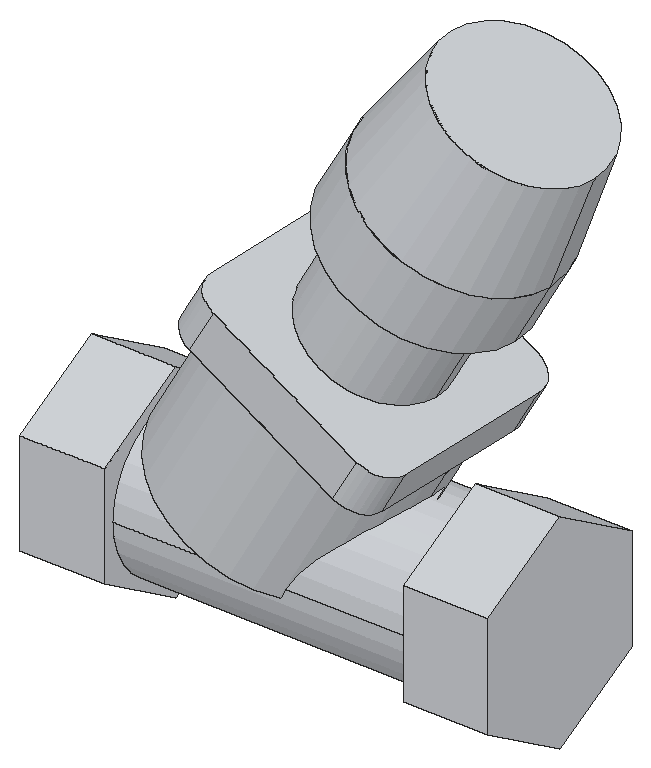
Revit family "OPTIMA_Compact_FF_DN20_5,5_RFA_2018", category Pipe Accessories, Revit 2018
Family settings
  Round Connector Dimension = Use Diameter
  Part Type = Valve - Breaks Into
  Work Plane-Based = No
  Always vertical = Yes
  Cut with Voids When Loaded = No
  Shared = No
Parameters (values of type "OPTIMA Compact DN20 F-F 5.5mm")
  magiProductId = "3f04956b0a9346f48e327241883a91"
  magiProductFamilyId = "52eeb9fa0c9d42c987a78ea14b42d3"
  magiPartTypeId = 304
  isMeasuringValve [instance] = no
  ang2D [instance] = 0.00°
  Z = 0 mm
  X = 10 mm
  W2D = 32 mm
  VersionID = "2.0/2018.8.28.1/FRESE_OPTIMA-COMPACT-FF_001"
  Use Minimum Symbol Size [instance] = yes
  URL = "www.hydronix.cz"
  Type Comments = "vnitřní závit; PN25; 0~120°C, bez měřicích vsuvek"
  R9 = 8 mm
  R8 = 14 mm
  R7 = 17 mm
  R6 = 12 mm
  R5 = 5 mm
  R4 = 19 mm
  R3 = 19 mm
  R2 = 13.5 mm
  R1 = 17.5 mm
  QmdConnectorList = "301;D;302;D"
  Productdata [instance] = ""
  PLG0 = no
  Manufacturer = "Hydronix"
  MC Product Code = "53-1318  (3/4\" F-F; 5.5mm; Qmin-dpmin 300l/h-17.8kPa; Qmax-dpmin 1800l/h-40.0Pa; dpmax 800kPa)"
  MC Piping Given Pressure Drop [instance] = 0.0 Pa
  LL = 39.5 mm
  L3 = 11 mm
  L2D_Min = 3048 mm
  L2D = 104 mm
  L2 = 50.56 mm
  L1__ve = -L1  # -14.22 mm
  L1 = 14.22 mm
  H6__ve = -H6  # -59.5 mm
  H6 = 59.5 mm
  H5 = 20 mm
  H4 = 12 mm
  H3 = 18 mm
  H2 = 8 mm
  H1 = 26 mm
  Description = "Tlakově nezávislý 2-cestný regulační vyvažovací ventil (PICV)"
  D = 20 mm
  CenSd_R1_6 = R1 * cos(30.00°)  # 15.155 mm
  A = 30.00°
Types (6, lengths in mm): name | magiProductId | Z | X | R4 | R3 | R2 | R1 | MC Product Code | LL | L3 | L2 | L1__ve | L1 | H6__ve | H6 | H3 | H2 | H1 | D | CenSd_R1_6
  OPTIMA Compact DN32 F-F 5.5mm | "b339906595e54d959f7e36e14a5078" | 1 | 13 | 29 | 31.5 | 22 | 26 | "53-1354  (5/4\" F-F; 5.5mm; Qmin-dpmin 550l/h-17.9kPa; Qmax-dpmin 4001l/h-28.0kPa; dpmax 800kPa)" | 52 | 12.5 | 66.56 | -18.72 | 18.72 | -68 | 68 | 16 | 10 | 46 | 32 | 22.517
  OPTIMA Compact DN15 F-F 2.5mm | "1f59e983221c4705b905dca277ac1b" | 0 | 7 | 19 | 19 | 12 | 15 | "53-1344  (1/2\" F-F; 2.5mm; Qmin-dpmin 100l/h-14.9kPa; Qmax-dpmin 575l/h-18.5kPa; dpmax 800kPa)" | 37.5 | 11 | 48 | -13.5 | 13.5 | -57 | 57 | 18 | 8 | 26 | 15 | 12.99
  OPTIMA Compact DN15 F-F 5.0mm | "ed735bb751334d9b9367ccb2001bd8" | 0 | 7 | 19 | 19 | 12 | 15 | "53-1345  (1/2\" F-F; 5.0mm; Qmin-dpmin 220l/h-16.0kPa; Qmax-dpmin 1330l/h-21.6Pa; dpmax 800kPa)" | 37.5 | 11 | 48 | -13.5 | 13.5 | -57 | 57 | 18 | 8 | 26 | 15 | 12.99
  OPTIMA Compact DN20 F-F 5.0mm | "3fe8f468b8a34e8b9375925b2f5228" | 0 | 10 | 19 | 19 | 13.5 | 17.5 | "53-1348  (3/4\" F-F; 5.0mm; Qmin-dpmin 220l/h-16.0kPa; Qmax-dpmin 1330l/h-21.6Pa; dpmax 800kPa)" | 39.5 | 11 | 50.56 | -14.22 | 14.22 | -59.5 | 59.5 | 18 | 8 | 26 | 20 | 15.155
  OPTIMA Compact DN20 F-F 5.5mm | "3f04956b0a9346f48e327241883a91" | 0 | 10 | 19 | 19 | 13.5 | 17.5 | "53-1318  (3/4\" F-F; 5.5mm; Qmin-dpmin 300l/h-17.8kPa; Qmax-dpmin 1800l/h-40.0Pa; dpmax 800kPa)" | 39.5 | 11 | 50.56 | -14.22 | 14.22 | -59.5 | 59.5 | 18 | 8 | 26 | 20 | 15.155
  OPTIMA Compact DN25 F-F 5.5mm | "a6a3417af38f4ebebee56b059e5e27" | 0 | 13 | 29 | 31.5 | 18.5 | 22 | "53-1353  (1\" F-F; 5.5mm; Qmin-dpmin 600l/h-17.3kPa; Qmax-dpmin 3609l/h-23.0Pa; dpmax 800kPa)" | 50 | 12.5 | 64 | -18 | 18 | -64 | 64 | 16 | 10 | 43 | 25 | 19.053
Reference planes
  plane 1 "Center (Front/Back)": y = 0
  plane 2 "XYPLANE": z = 0
  plane 3 "Center (Left/Right)": x = 0
  plane 4 "267": x = 11
  plane 5 "266": x = -11
  plane 6 "252": through (-607.519, 0, 447.746) normal (0.5, 0, 0.866)
  plane 7 "250": through (-617.519, 0, 430.426) normal (0.5, 0, 0.866)
  plane 8 "248": through (-623.519, 0, 420.033) normal (0.5, 0, 0.866)
  plane 9 "245": through (-632.519, 0, 404.445) normal (0.5, 0, 0.866)
  plane 10 "241": through (349.885, 0, 664.019) normal (0.866, 0, -0.5)
  plane 11 "240": through (382.794, 0, 645.019) normal (0.866, 0, -0.5)
  plane 12 "239": y = -19
  plane 13 "238": y = 19
  plane 14 "237": through (-636.519, 0, 397.517) normal (0.5, 0, 0.866)
  plane 15 "235": through (-649.519, 0, 375) normal (0.5, 0, 0.866)
  plane 16 "231": y = 0
  plane 17 "230": through (366.34, 0, 654.519) normal (0.866, 0, -0.5)
  plane 18 "211": x = -25.28
  plane 19 "204": x = 39.5
  plane 20 "203": x = -39.5
  plane 21 "202": x = 0
  plane 22 "201": z = 0
  plane 23 "200": y = 0
  plane 24 "227XY": through (-649.519, 0, 375) normal (0.5, 0, 0.866)
  plane 25 "227XZ": y = 0
  plane 26 "227YZ": through (375, 0, 649.519) normal (0.866, 0, -0.5)
Forms (mm)
  Extrusion 1, solid
    sketch origin (39.5, -750, 0) x (0, 1, 0) y (0, 0, 1)
      loop
        line (750, 17.5) -> (734.845, 8.75) -> (734.845, -8.75) -> (750, -17.5) -> (765.155, -8.75) -> (765.155, 8.75) -> (750, 17.5)
    from 0 to -14.22 <- "L1__ve"
  Extrusion 2, solid
    sketch origin (-39.5, -750, 0) x (0, 1, 0) y (0, 0, 1)
      loop
        line (750, 17.5) -> (734.845, 8.75) -> (734.845, -8.75) -> (750, -17.5) -> (765.155, -8.75) -> (765.155, 8.75) -> (750, 17.5)
    from 0 to 14.22 <- "L1"
  Extrusion 3, solid, visible <- "PLG0"
    sketch origin (-750, 0, 0) x (1, 0, 0) y (0, 1, 0)
      loop
        circle (761, 0) r 8
    from 0 to -59.5 <- "H6__ve"
  Extrusion 4, solid, visible <- "PLG0"
    sketch origin (-750, 0, 0) x (1, 0, 0) y (0, 1, 0)
      loop
        circle (739, 0) r 8
    from 0 to -59.5 <- "H6__ve"
  Blend 5, solid
    base sketch origin (-617.519, 0, 430.426) x (0.866025, 0, -0.5) y (0, 1, 0)
      loop
        circle (740, 0) r 17
    top sketch origin (-617.519, 0, 430.426) x (0.866025, 0, -0.5) y (0, 1, 0)
      loop
        circle (740, 0) r 14
    from 0 to 20
  Extrusion 6, solid
    sketch origin (-623.519, 0, 420.033) x (0.866025, 0, -0.5) y (0, 1, 0)
      loop
        circle (740, 0) r 17
    from 0 to 12 <- "H4"
  Extrusion 7, solid
    sketch origin (-632.519, 0, 404.445) x (0.866025, 0, -0.5) y (0, 1, 0)
      loop
        circle (740, 0) r 12
    from 0 to 18 <- "H3"
  Extrusion 8, solid
    sketch origin (-636.519, 0, 397.517) x (0.866025, 0, -0.5) y (0, 1, 0)
      loop
        arc (726, 19) -> (722.464, 17.536) -> (721, 14) r 5
        line (721, 14) -> (721, -14)
        arc (721, -14) -> (722.464, -17.536) -> (726, -19) r 5
        line (726, -19) -> (754, -19)
        arc (754, -19) -> (757.536, -17.536) -> (759, -14) r 5
        line (759, -14) -> (759, 14)
        arc (759, 14) -> (757.536, 17.536) -> (754, 19) r 5
        line (754, 19) -> (726, 19)
    from 0 to 8 <- "H2"
  Extrusion 9, solid
    sketch origin (-649.519, 0, 375) x (0.866025, 0, -0.5) y (0, 1, 0)
      loop
        circle (740, 0) r 19
    from 0 to 26 <- "H1"
  Extrusion 10, solid
    sketch origin (-25.28, -750, 0) x (0, 1, 0) y (0, 0, 1)
      loop
        circle (750, 0) r 13.5
    from 0 to 50.56 <- "L2"
  Extrusion 11, solid, not visible
    sketch origin (39.5, -750, 0) x (0, 1, 0) y (0, 0, 1)
      loop
        circle (750, 0) r 10
    from 0 to -10
  Extrusion 12, solid, not visible
    sketch origin (-39.5, -750, 0) x (0, 1, 0) y (0, 0, 1)
      loop
        circle (750, 0) r 10
    from 0 to 10
Lines and regions (mm)
  reference lines, not visible
    curve 1: circle (2, 2, 0) r 1 normal (0, 0, 1)
  reference lines
    curve 2: line (39.5, 0, 0) -> (39.5, -11.258, -6.5)
    curve 3: line (39.5, 0, 0) -> (39.5, 0, -13)
    curve 4: line (39.5, 0, 0) -> (39.5, 11.258, -6.5)
    curve 5: line (-39.5, 0, 0) -> (-39.5, 11.258, -6.5)
    curve 6: line (-39.5, 0, 0) -> (-39.5, 0, -13)
    curve 7: line (-39.5, 0, 0) -> (-39.5, -11.258, -6.5)
Dimensions and locks
  plane 1 "Center (Front/Back)" to curve 1 = 2 mm
  "L3": plane 3 "Center (Left/Right)" to plane 4 "267"
  "L3": plane 3 "Center (Left/Right)" to plane 5 "266"
  "H5": plane 7 "250" to plane 6 "252"
  "H4": plane 8 "248" to plane 7 "250"
  "H3": plane 9 "245" to plane 8 "248"
  "H2": plane 14 "237" to plane 9 "245"
  "R4": plane 17 "230" to plane 10 "241"
  "R4": plane 17 "230" to plane 11 "240"
  "R4": plane 23 "200" to plane 12 "239"
  "R4": plane 23 "200" to plane 13 "238"
  "H1": plane 15 "235" to plane 14 "237"
  "Z": plane 24 "227XY" to plane 15 "235"
  locked: plane 23 "200" to plane 16 "231"
  "X": plane 26 "227YZ" to plane 17 "230"
  "L1": plane 20 "203" to plane 18 "211"
  "LL": plane 3 "Center (Left/Right)" to plane 19 "204"
  "LL": plane 3 "Center (Left/Right)" to plane 20 "203"
  locked: plane 3 "Center (Left/Right)" to plane 21 "202"
  locked: plane 2 "XYPLANE" to plane 22 "201"
  locked: plane 1 "Center (Front/Back)" to plane 23 "200"
  "CenSd_R1_6": curve 2 to Extrusion 1 sketch curve  (x2)
  "CenSd_R1_6": curve 3 to Extrusion 1 sketch curve  (x2)
  "CenSd_R1_6": curve 4 to Extrusion 1 sketch curve  (x2)
  Extrusion 1 sketch curve to Extrusion 1 sketch curve = 0 mm  (x12)
  "CenSd_R1_6": curve 5 to Extrusion 2 sketch curve  (x2)
  "CenSd_R1_6": curve 6 to Extrusion 2 sketch curve  (x2)
  "CenSd_R1_6": curve 7 to Extrusion 2 sketch curve  (x2)
  Extrusion 2 sketch curve to Extrusion 2 sketch curve = 0 mm  (x12)
  Extrusion 8 sketch curve to Extrusion 8 sketch curve = 0 mm  (x16)
  "R9": radius of Extrusion 3 sketch curve
  "R9": radius of Extrusion 4 sketch curve
  "R8": radius of Blend 5 sketch curve
  "R7": radius of Blend 5 sketch curve
  "R7": radius of Extrusion 6 sketch curve
  "R6": radius of Extrusion 7 sketch curve
  "R5": radius of Extrusion 8 sketch curve  (x4)
  "R3": radius of Extrusion 9 sketch curve
  "R2": radius of Extrusion 10 sketch curve
  locked: curve 3 to curve 2 (angle 60.00°)
  locked: curve 4 to curve 3 (angle 60.00°)
  locked: curve 4 to curve 2 (angle 120.00°)
  locked: curve 6 to curve 5 (angle 60.00°)
  locked: curve 7 to curve 6 (angle 60.00°)
  locked: curve 7 to curve 5 (angle 120.00°)
  aligned and locked: level to plane 2 "XYPLANE"
  aligned and locked: plane 22 "201" to curve 4
  aligned and locked: curve 4 to plane 23 "200"
  aligned and locked: plane 22 "201" to curve 7
  aligned and locked: curve 7 to plane 23 "200"
  aligned and locked: plane 4 "267" to Extrusion 3 sketch curve
  aligned and locked: plane 23 "200" to Extrusion 3 sketch curve
  aligned and locked: plane 5 "266" to Extrusion 4 sketch curve
  aligned and locked: plane 23 "200" to Extrusion 4 sketch curve
  aligned and locked: plane 16 "231" to Blend 5 sketch curve  (x2)
  aligned and locked: Blend 5 sketch curve to plane 17 "230"  (x2)
  aligned and locked: plane 6 "252" to Blend 5
  aligned and locked: plane 16 "231" to Extrusion 6 sketch curve
  aligned and locked: Extrusion 6 sketch curve to plane 17 "230"
  aligned and locked: plane 16 "231" to Extrusion 7 sketch curve
  aligned and locked: Extrusion 7 sketch curve to plane 17 "230"
  aligned and locked: Extrusion 8 sketch curve to plane 10 "241"
  aligned and locked: Extrusion 8 sketch curve to plane 12 "239"
  aligned and locked: Extrusion 8 sketch curve to plane 11 "240"
  aligned and locked: plane 13 "238" to Extrusion 8 sketch curve
  aligned and locked: plane 16 "231" to Extrusion 9 sketch curve
  aligned and locked: Extrusion 9 sketch curve to plane 17 "230"
  aligned and locked: plane 22 "201" to Extrusion 10 sketch curve
  aligned and locked: Extrusion 10 sketch curve to plane 23 "200"
  aligned and locked: plane 22 "201" to Extrusion 11 sketch curve
  aligned and locked: Extrusion 11 sketch curve to plane 23 "200"
  aligned and locked: plane 22 "201" to Extrusion 12 sketch curve
  aligned and locked: Extrusion 12 sketch curve to plane 23 "200"
Automatic sketch dimensions
  plane 1 "Center (Front/Back)" to Extrusion 11 sketch curve = 10 mm
  plane 1 "Center (Front/Back)" to Extrusion 12 sketch curve = 10 mm
  plane 3 "Center (Left/Right)" to curve 1 = 2 mm
  radius of curve 1 = 1 mm
Connectors
  piping at (-39.5, 0, 0), diameter 20, driven by "D"
    settings: on Extrusion 12, index 1, connector inside diameter 609.6 mm, connector length 0 mm, flow factor 0, pipe flow 0.0 L/s, pressure drop 0.0 Pa, fitting loss kfactor 0, connector angle 0.00°, fixture units 0, engagement length 0 mm, angle of deflection 0.00°, flow configuration 0, flow direction 0, fitting loss method 0, system type 29, joint type 0, gender type 0, connector reference index 2, connector utility 0, adjustable connector no, is connector primary yes, connector description ""
  piping at (39.5, 0, 0), diameter 20, driven by "D"
    settings: on Extrusion 11, index 2, connector inside diameter 609.6 mm, connector length 0 mm, flow factor 0, pipe flow 0.0 L/s, pressure drop 0.0 Pa, fitting loss kfactor 0, connector angle 0.00°, fixture units 0, engagement length 0 mm, angle of deflection 0.00°, flow configuration 0, flow direction 0, fitting loss method 0, system type 29, joint type 0, gender type 0, connector reference index 1, connector utility 0, adjustable connector no, is connector primary no, connector description ""
